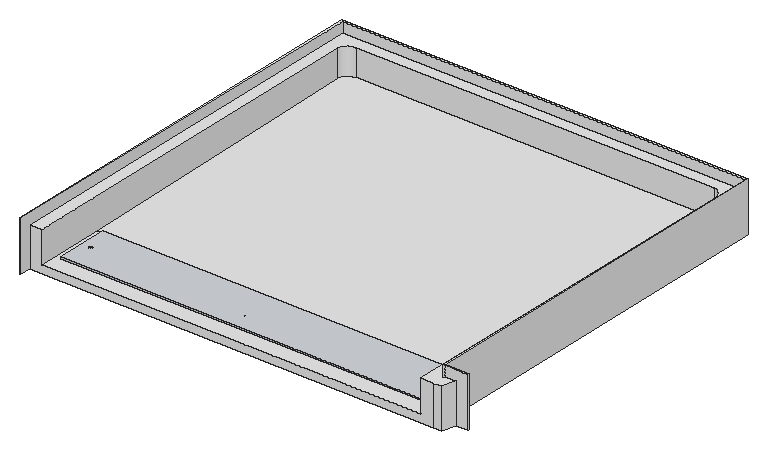
Revit family "P24038A75FTT.V2,A2FTT.V2,A75FTB.V2,A2FTB.V2", category Plumbing Fixtures, Revit 2017
Family settings
  Round Connector Dimension = Use Diameter
  Part Type = Normal
  OmniClass Number = 23.45.05.14.17
  OmniClass Title = Showers
  Work Plane-Based = No
  Always vertical = Yes
  Cut with Voids When Loaded = No
  Shared = No
  Room Calculation Point = No
Parameters (values of type "P24038A75FTT.V2")
  Unit Width = 38 1/2"
  Unit Height = 4 3/4"
  Unit Depth = 38 1/4"
  URL = "http://www.bestbath.com"
  Type Comments = "Barrier Free"
  Threshold Height = 3/4"
  Model = "P24038A75FTT.V2"
  Material [instance] = Best Bath Gelcoat Fiberglass - Smooth
  Manufacturer = "Best Bath Systems, Inc."
  Keynote = "22 40 00.B3"
  Description = "Trench Drain, Traditional Bull-Nose Threshold"
  Assembly Code = "D2010710"
Types (5): name | Unit Height | Threshold Height | Model | Description
  (no name) | 4 3/4" | 3/4" | "P24038A75FTT.V2" | "Trench Drain, Traditional Bull-Nose Threshold"
  P24038A75FTT.V2 | 4 3/4" | 3/4" | "P24038A75FTT.V2" | "Trench Drain, Traditional Bull-Nose Threshold"
  P24038A2FTB.V2 | 6" | 2" | "P24038A2FTB.V2" | "Trench Drain Pan, Bevelled Threshold"
  P24038A75FTB.V2 | 4 3/4" | 3/4" | "P24038A75FTB.V2" | "Trench Drain Pan, Bevelled Threshold"
  P24038A2FTT.V2 | 6" | 2" | "P24038A2FTT.V2" | "Trench Drain Pan, Traditional Bull-Nose Threshold"
Reference planes (in)
  plane 1 "Back": y = 6.43613
  plane 2: z = 0
  plane 3 "Left": x = 0
  plane 4: x = 38.5
  plane 5: z = 3.75
  plane 6: z = 0.75
  plane 7: z = 4.75
  plane 8: x = 19.25
  plane 9: y = -31.81387
  plane 10: y = -24.18887
  plane 11: z = 1.5
  plane 12: y = -30.81387
  plane 13: y = -26.81387
  plane 14: z = 0.875
  plane 15: y = -26.68887
Forms (in)
  Extrusion 1, solid, material "Best Bath Gelcoat Fiberglass - Smooth"
    sketch origin (0, 0, 0) x (1, 0, 0) y (0, 1, 0)
      loop
        line (0, 6.43613) -> (0, -31.81387) -> (0.125, -31.81387) -> (0.125, 6.31113) -> (38.375, 6.31113) -> (38.375, -29.56478) -> (38.5, -29.56478) -> (40.75, -29.56478) -> (40.75, -29.44124) -> (38.5, -29.44124) -> (38.5, 6.43613) -> (0, 6.43613)
    from 0 to 4.75
  Extrusion 2, solid, material "Best Bath Gelcoat Fiberglass - Smooth"
    sketch origin (0, 0, 0) x (0, 1, 0) y (0, 0, 1)
      loop
        line (-24.18887, 0.75) -> (5.18613, 0.75) -> (5.18613, 1.25) -> (-24.18887, 0.75)
    from 0 to 38.5
  Extrusion 3, solid, material "Best Bath Gelcoat Fiberglass - Smooth"
    sketch origin (0, 0, 0) x (1, 0, 0) y (0, 1, 0)
      loop
        line (0, 6.43613) -> (0, -30.81387) -> (38.375, -30.81387) -> (38.375, 6.43613) -> (0, 6.43613)
      loop
        circle (19.24617, -26.81482) r 1.5
    from 0 to 0.75
  Extrusion 4, solid, material "Best Bath Gelcoat Fiberglass - Smooth"
    sketch origin (0, 0, 0) x (1, 0, 0) y (0, 1, 0)
      loop
        line (0, 6.43613) -> (0, -30.81387) -> (1.25, -30.81387) -> (1.25, 4.18613)
        arc (1.25, 4.18613) -> (1.54289, 4.89323) -> (2.25, 5.18613) r 1
        line (2.25, 5.18613) -> (36.25, 5.18613)
        arc (36.25, 5.18613) -> (36.95711, 4.89323) -> (37.25, 4.18613) r 1
        line (37.25, 4.18613) -> (37.25, -30.81387) -> (38.5, -30.81387) -> (39.22054, -30.81387) -> (39.55548, -29.56387) -> (38.5, -29.56387) -> (38.5, 6.43613) -> (0, 6.43613)
    from 0 to 3.75
  Extrusion 5, solid
    sketch origin (0, 0, 0) x (1, 0, 0) y (0, 1, 0)
      loop
        line (1.75, -24.18887) -> (1.75, -29.18887) -> (36.75, -29.18887) -> (36.75, -24.18887) -> (1.75, -24.18887)
      loop
        circle (2.62445, -26.68887) r 0.125
      loop
        circle (35.87555, -26.56387) r 0.125
    from 0.40753 to 0.875
Cuts and joins
  joined: Extrusion 1, Extrusion 2, Extrusion 3, Extrusion 4
Dimensions and locks (in)
  "Unit Width": plane 3 "Left" to plane 4
  "Threshold Height": plane 6 to level
  locked: plane 7 to plane 5 at 1
  "Unit Height": plane 7 to level
  equal spacing: plane 3 "Left", plane 8, plane 4
  "Unit Depth": plane 9 to plane 1 "Back"
  locked: plane 11 to plane 6 at 0.75
  plane 3 "Left" to Extrusion 3 = 38 3/8"
  plane 10 to plane 9 = 7 5/8"
  locked: plane 12 to plane 9 at 1
  locked: plane 1 "Back" to plane 13 at 33.25
  locked: plane 14 to plane 6 at 0.125
  plane 10 to plane 15 = 2 1/2"
  plane 15 to Extrusion 5 sketch curve = 2 1/2"
  cut or joined group of Extrusion 1, Extrusion 2, Extrusion 3, Extrusion 4 to plane 1 "Back" = 33.25094"
  locked: cut or joined group of Extrusion 1, Extrusion 2, Extrusion 3, Extrusion 4 to cut or joined group of Extrusion 1, Extrusion 2, Extrusion 3, Extrusion 4 at 1.2491
  aligned and locked: level to plane 2
  aligned and locked: Extrusion 2 sketch curve to plane 6
  aligned and locked: plane 6 to Extrusion 3
  aligned and locked: plane 5 to Extrusion 4
  aligned and locked: plane 12 to Extrusion 3 sketch curve
  aligned and locked: plane 12 to Extrusion 4 sketch curve  (x2)
  aligned and locked: plane 7 to Extrusion 1
  aligned and locked: Extrusion 5 sketch curve to plane 10
  aligned and locked: plane 14 to Extrusion 5
  aligned and locked: plane 15 to Extrusion 5 sketch curve
Automatic sketch dimensions
  Extrusion 2 sketch curve to plane 10 = 0"
  plane 1 "Back" to Extrusion 2 sketch curve = 1 1/4"
  Extrusion 2 sketch curve to plane 11 = 1/4"
  plane 3 "Left" to Extrusion 5 sketch curve = 1 3/4"
  Extrusion 5 sketch curve to Extrusion 5 sketch curve = 0.87445"
  plane 15 to Extrusion 5 sketch curve = 1/8"
  plane 4 to Extrusion 5 sketch curve = 2.62445"
  plane 4 to Extrusion 5 sketch curve = 1 3/4"
  Extrusion 5 sketch curve to plane 15 = 0"
  Extrusion 5 sketch curve to plane 10 = 0"
  Extrusion 3 sketch curve to plane 3 "Left" = 0"
  plane 1 "Back" to Extrusion 3 sketch curve = 0"
  Extrusion 3 sketch curve to plane 13 = 0.00094"
  plane 8 to Extrusion 3 sketch curve = 0.00383"
  plane 4 to Extrusion 3 sketch curve = 1/8"
  plane 1 "Back" to Extrusion 4 sketch curve = 0"
  Extrusion 4 sketch curve to plane 3 "Left" = 0"
  Extrusion 4 sketch curve to plane 4 = 0"  (x2)
  plane 3 "Left" to Extrusion 4 sketch curve = 1 1/4"
  Extrusion 4 sketch curve to Extrusion 4 sketch curve = 1"
  plane 1 "Back" to Extrusion 4 sketch curve = 1 1/4"
  plane 4 to Extrusion 4 sketch curve = 2 1/4"
  Extrusion 4 sketch curve to Extrusion 4 sketch curve = 1 1/4"
  Extrusion 4 sketch curve to plane 4 = 0.72054"
  Extrusion 4 sketch curve to plane 4 = 1.05548"
  plane 12 to Extrusion 4 sketch curve = 1 1/4"
  Extrusion 1 sketch curve to plane 3 "Left" = 0"
  Extrusion 1 sketch curve to plane 9 = 0"
  plane 1 "Back" to Extrusion 1 sketch curve = 0"
  Extrusion 1 sketch curve to plane 4 = 0"  (x2)
  plane 3 "Left" to Extrusion 1 sketch curve = 1/8"
  plane 4 to Extrusion 1 sketch curve = 1/8"
  Extrusion 1 sketch curve to Extrusion 1 sketch curve = 2 1/4"
  plane 12 to Extrusion 1 sketch curve = 1.2491"
  Extrusion 1 sketch curve to Extrusion 1 sketch curve = 0.12354"
  plane 1 "Back" to Extrusion 1 sketch curve = 1/8"
  radius of Extrusion 5 sketch curve = 1/8"  (x2)
  radius of Extrusion 3 sketch curve = 1 1/2"
